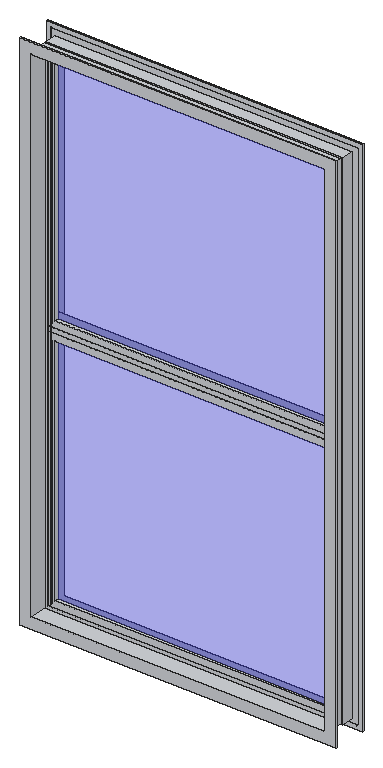
Revit family "1450S_Fixed Single Horizontal Rail", category Windows, host Wall, Revit 2023
Family settings
  Host = Wall
  OmniClass Number = 23.30.20.00
  OmniClass Title = Windows
  Always vertical = Yes
  Cut with Voids When Loaded = No
  Shared = No
  Room Calculation Point = No
Parameters
  Height = 5' - 0"
  Glass Material = Glass
  Frame Material = none
  Depth From Exterior = 0' - 1"
  Default Sill Height = 3' - 0"
  Wall Closure = By host
  Width = 3' - 0"
  Bottom Bay Height = 2' - 3 7/8"
Reference planes (in)
  plane 1 "Center (Front/Back)": y = 0
  plane 2: z = 0
  plane 3 "Center (Left/Right)": x = 0
  plane 4 "Left": x = -18
  plane 5 "Right": x = 18
  plane 6 "Sill": z = 36
  plane 7 "Top": z = 96
  plane 8: y = 3
  plane 9: y = 2
  plane 10: y = 0.363
  plane 11: y = 0
  plane 12: y = 2
  plane 13: y = 0
  plane 14: z = 65.71528
  plane 15: z = 65.54514
  plane 16: z = 37.67014
  plane 17: y = 0.46426
  plane 18: y = 0
  plane 19: y = 0.46426
  plane 20: y = 0
Forms (in)
  Sweep 1, solid
    path origin (0, 0, 0) x (1, 0, 0) y (0, 0, 1)
      loop
        line (18, 36) -> (18, 96) -> (-18, 96) -> (-18, 36) -> (18, 36)
    profile origin (0, 0, 36) x (0, 0, -1) y (0, -1, 0)
      loop
        line (0, -2) -> (0, -1.826) -> (-0.436, -1.826) -> (-0.436, -1.87556) -> (-1.375, -1.87556) -> (-1.375, -1.76809) -> (-1.25514, -1.70535) -> (-1.06266, -1.70535) -> (-1.06266, -0.29598) -> (-1.25259, -0.29598) -> (-1.375, -0.23191) -> (-1.375, -0.125) -> (-1.125, -0.125) -> (-1.125, 1.875) -> (-0.4366, 1.875) -> (-0.4366, 1.826) -> (0, 1.826) -> (0, 2) -> (-1.25, 2) -> (-1.25, 0) -> (-1.625, 0) -> (-1.625, -0.30355) -> (-1.49985, -0.46374) -> (-1.49985, -1.375) -> (-2.29514, -1.375) -> (-1.67014, -2) -> (0, -2)
  Sweep 2, solid, material "Glass" <- "Glass Material"
    path origin (0, 0, 0) x (0, 1, 0) y (0, 0, 1)
      loop
        line (1.375, 37.49985) -> (1.375, 94.50015)
    profile origin (0, 1.375, 66) x (0, -1, 0) y (1, 0, 0)
      loop
        line (0, -16.50015) -> (0.25, -16.50015) -> (0.25, 16.50015) -> (0, 16.50015) -> (0, -16.50015)
      loop
        line (0.75, -16.50015) -> (1, -16.50015) -> (1, 16.50015) -> (0.75, 16.50015) -> (0.75, -16.50015)
  Sweep 3, solid
    path origin (0, 0, 0) x (1, 0, 0) y (0, 0, 1)
      loop
        line (16.32986, 65.71528) -> (-16.32986, 65.71528)
    profile origin (0, 0, 65.71528) x (0, 0, -1) y (0, -1, 0)
      loop
        line (-0.73214, -2) -> (0.17014, -2) -> (0.79514, -1.375) -> (0, -1.375) -> (0, 0) -> (-0.562, 0) -> (-0.562, -1.375) -> (-1.35714, -1.375) -> (-0.73214, -2)
  Sweep 4, solid
    path origin (0, 0, 0) x (1, 0, 0) y (0, 0, 1)
      loop
        line (-16.375, 37.625) -> (16.375, 37.625) -> (16.375, 65.71528) -> (-16.375, 65.71528) -> (-16.375, 37.625)
    profile origin (0, 0, 37.625) x (0, 0, 1) y (0, -1, 0)
      loop
        line (0.78358, 0) -> (0, 0) -> (0, -0.46426) -> (0.12826, -0.29936) -> (0.12826, -0.18751) -> (0.21418, -0.18751) -> (0.21418, -0.125) -> (0.36337, -0.125) -> (0.36337, -0.363) -> (0.78358, -0.363) -> (0.78358, 0)
  Sweep 5, solid
    path origin (0, 0, 0) x (1, 0, 0) y (0, 0, 1)
      loop
        line (-16.375, 66.27728) -> (16.375, 66.27728) -> (16.375, 94.375) -> (-16.375, 94.375) -> (-16.375, 66.27728)
    profile origin (0, 0, 66.27728) x (0, 0, 1) y (0, -1, 0)
      loop
        line (0.78358, 0) -> (0, 0) -> (0, -0.46426) -> (0.12826, -0.29936) -> (0.12826, -0.18751) -> (0.21418, -0.18751) -> (0.21418, -0.125) -> (0.36337, -0.125) -> (0.36337, -0.363) -> (0.78358, -0.363) -> (0.78358, 0)
Lines and regions (in)
  Opening 1
    outline origin (-60, -3, 0) x (1, 0, 0) y (0, 0, 1)
      loop
        line (42, 96) -> (42, 36) -> (78, 36) -> (78, 96) -> (42, 96)
Text (in)
  text "EXTERIOR" at (-58.6888, 50.90694, 0), in view "Ref. Level"
  text "INTERIOR" at (-58.6888, -37.76638, 0), in view "Ref. Level"
  text "Exterior" at (0, 43.65631, 123.19604), in view "Left"
  text "Exterior" at (0, 18.29385, 125.04747), in view "Right"
Dimensions and locks (in)
  equal spacing: plane 4 "Left", plane 3 "Center (Left/Right)", plane 5 "Right"
  "Height": plane 6 "Sill" to plane 7 "Top"
  "Default Sill Height": plane 2 to plane 6 "Sill"
  "Width": plane 4 "Left" to plane 5 "Right"
  "Depth From Exterior": plane 8 to plane 9
  locked: plane 10 to plane 11 at 0.363
  locked: plane 9 to plane 11 at 2
  locked: plane 12 to plane 13 at 2
  locked: plane 14 to plane 15 at 0.17014
  locked: plane 6 "Sill" to plane 16 at 1.67014
  "Bottom Bay Height": plane 16 to plane 15
  locked: plane 17 to plane 18 at 0.46426
  locked: plane 19 to plane 20 at 0.46426
  aligned and locked: plane 7 "Top" to Opening 1 sketch curve
  aligned and locked: plane 6 "Sill" to Opening 1 sketch curve  (x2)
  aligned and locked: plane 5 "Right" to Opening 1 sketch curve
  aligned and locked: plane 4 "Left" to Opening 1 sketch curve
  aligned and locked: level to plane 2
  aligned and locked: Sweep 1 sketch curve to plane 7 "Top"
  aligned and locked: plane 4 "Left" to Sweep 1 sketch curve
  aligned and locked: plane 6 "Sill" to Sweep 1 sketch curve
  aligned and locked: Sweep 1 sketch curve to plane 5 "Right"
  aligned and locked: Sweep 2 sketch curve to Sweep 1  (x5)
  aligned and locked: plane 8 to host wall
  aligned and locked: plane 9 to Sweep 1
  aligned and locked: plane 11 to Sweep 1
  aligned and locked: Sweep 1 to Sweep 3 sketch curve  (x2)
  aligned and locked: plane 12 to Sweep 3
  aligned and locked: plane 13 to Sweep 3
  aligned and locked: plane 14 to Sweep 3
  aligned and locked: plane 15 to Sweep 3
  aligned and locked: plane 9 to plane 12
  aligned and locked: plane 16 to Sweep 1
  aligned and locked: Sweep 4 sketch curve to Sweep 1  (x3)
  aligned and locked: Sweep 4 sketch curve to Sweep 3
  aligned and locked: plane 17 to Sweep 4
  aligned and locked: plane 18 to Sweep 4
  aligned and locked: plane 13 to plane 18
  aligned and locked: Sweep 5 sketch curve to Sweep 3
  aligned and locked: Sweep 5 sketch curve to Sweep 1  (x3)
  aligned and locked: plane 19 to Sweep 5
  aligned and locked: plane 20 to Sweep 5
  aligned and locked: plane 13 to plane 20
Automatic sketch dimensions
  profile plane to Sweep 1 sketch curve = 0' - 2.29514"
  Sweep 1 sketch curve to Sweep 1 sketch curve = 0' - 0.67014"
  Sweep 1 sketch curve to Sweep 1 sketch curve = 0' - 0.12515"
  Sweep 1 sketch curve to Sweep 1 sketch curve = 0' - 0 1/4"
  Sweep 1 sketch curve to Sweep 1 sketch curve = 0' - 0.12485"
  Sweep 1 sketch curve to Sweep 1 sketch curve = 0' - 0.11986"
  Sweep 1 sketch curve to Sweep 1 sketch curve = 0' - 0.12241"
  Sweep 1 sketch curve to Sweep 1 sketch curve = 0' - 0 3/8"
  Sweep 1 sketch curve to Sweep 1 sketch curve = 0' - 0 1/8"  (x2)
  Sweep 1 sketch curve to Sweep 1 sketch curve = 0' - 0.19248"
  Sweep 1 sketch curve to Sweep 1 sketch curve = 0' - 0.6884"
  Sweep 1 sketch curve to Sweep 1 sketch curve = 0' - 0.62666"
  Sweep 1 sketch curve to Sweep 1 sketch curve = 0' - 0.4366"
  Sweep 1 sketch curve to Sweep 1 sketch curve = 0' - 0.436"
  Sweep 1 sketch curve to plane 1 "Center (Front/Back)" = 0' - 1.87556"
  Sweep 1 sketch curve to Sweep 1 sketch curve = 0' - 0.04956"
  Sweep 1 sketch curve to Sweep 1 sketch curve = 0' - 0.10748"
  Sweep 1 sketch curve to Sweep 1 sketch curve = 0' - 0.06273"
  Sweep 1 sketch curve to Sweep 1 sketch curve = 0' - 0.33035"
  Sweep 1 sketch curve to Sweep 1 sketch curve = 0' - 0.91126"
  Sweep 1 sketch curve to Sweep 1 sketch curve = 0' - 0.16019"
  Sweep 1 sketch curve to Sweep 1 sketch curve = 0' - 0.16776"
  Sweep 1 sketch curve to Sweep 1 sketch curve = 0' - 0.06407"
  Sweep 1 sketch curve to Sweep 1 sketch curve = 0' - 0.17098"
  Sweep 1 sketch curve to Sweep 1 sketch curve = 0' - 1.826"
  Sweep 1 sketch curve to Sweep 1 sketch curve = 0' - 0.049"
  Sweep 1 sketch curve to Sweep 1 sketch curve = 0' - 0.174"  (x2)
  Sweep 1 sketch curve to Sweep 1 sketch curve = 0' - 0.29514"
  Sweep 2 sketch curve to plane 6 "Sill" = 0' - 1.49985"
  plane 7 "Top" to Sweep 2 sketch curve = 0' - 1.49985"
  profile plane to Sweep 2 sketch curve = 0' - 0"
  Sweep 2 sketch curve to Sweep 2 sketch curve = 0' - 0 1/4"  (x2)
  Sweep 2 sketch curve to Sweep 2 sketch curve = 0' - 0 3/4"
  Sweep 3 sketch curve to plane 6 "Sill" = 2' - 5.71528"
  profile plane to Sweep 3 sketch curve = 0' - 1.35714"
  Sweep 3 sketch curve to Sweep 3 sketch curve = 0' - 0 5/8"  (x2)
  Sweep 3 sketch curve to Sweep 3 sketch curve = 0' - 0.17014"  (x2)
  Sweep 3 sketch curve to Sweep 3 sketch curve = 0' - 0.562"
  Sweep 3 sketch curve to Sweep 3 sketch curve = 0' - 0.79514"
  Sweep 3 sketch curve to plane 1 "Center (Front/Back)" = 0' - 2"
  Sweep 3 sketch curve to Sweep 3 sketch curve = 0' - 0"
  Sweep 3 sketch curve to Sweep 3 sketch curve = 0' - 1 3/8"
  Sweep 4 sketch curve to profile plane = 0' - 0"
  Sweep 4 sketch curve to Sweep 4 sketch curve = 0' - 0.12826"
  Sweep 4 sketch curve to Sweep 4 sketch curve = 0' - 0 11/128"
  Sweep 4 sketch curve to Sweep 4 sketch curve = 0' - 0.14919"
  Sweep 4 sketch curve to Sweep 4 sketch curve = 0' - 0.42021"
  Sweep 4 sketch curve to plane 1 "Center (Front/Back)" = 0' - 0.363"
  Sweep 4 sketch curve to Sweep 4 sketch curve = 0' - 0.17549"
  Sweep 4 sketch curve to Sweep 4 sketch curve = 0' - 0 1/16"
  Sweep 4 sketch curve to Sweep 4 sketch curve = 0' - 0.363"
  Sweep 4 sketch curve to Sweep 4 sketch curve = 0' - 0.27675"
  Sweep 4 sketch curve to Sweep 4 sketch curve = 0' - 0.11185"
  profile plane to Sweep 5 sketch curve = 0' - 0"
  Sweep 5 sketch curve to Sweep 5 sketch curve = 0' - 0.12826"
  Sweep 5 sketch curve to Sweep 5 sketch curve = 0' - 0 11/128"
  Sweep 5 sketch curve to Sweep 5 sketch curve = 0' - 0.14919"
  Sweep 5 sketch curve to Sweep 5 sketch curve = 0' - 0.42021"
  Sweep 5 sketch curve to plane 1 "Center (Front/Back)" = 0' - 0.46426"
  Sweep 5 sketch curve to Sweep 5 sketch curve = 0' - 0.10126"
  Sweep 5 sketch curve to Sweep 5 sketch curve = 0' - 0.1649"
  Sweep 5 sketch curve to Sweep 5 sketch curve = 0' - 0.11185"
  Sweep 5 sketch curve to Sweep 5 sketch curve = 0' - 0 1/16"
  Sweep 5 sketch curve to Sweep 5 sketch curve = 0' - 0 3/16"
